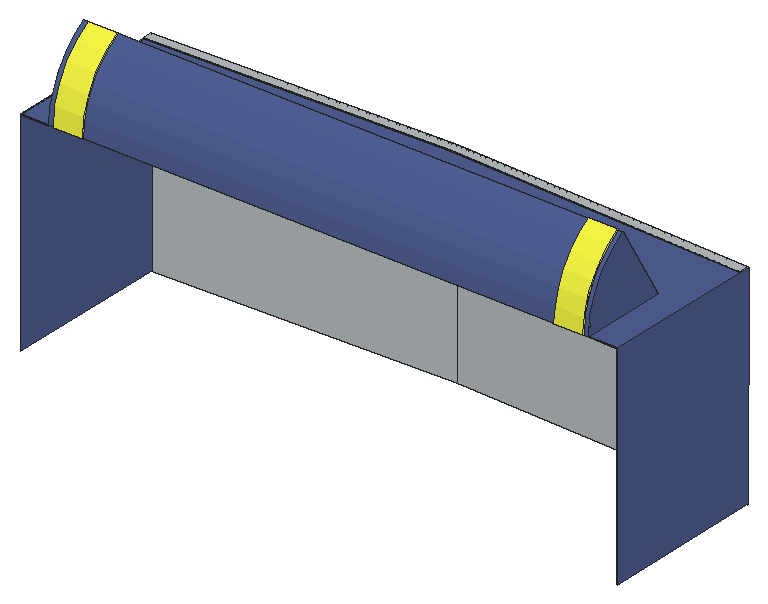
Revit family "DockEquipment_RainDeflector_SuperSeal_RD", category Generic Models, Revit 2011
Parameters
  offset [instance] = 0' - 10 3/4"
  Warranty Duration (Years) = 0
  Unit Width = 10' - 4"
  Unit Height = 3' - 0"
  Unit Depth = 2' - 10"
  URL = "http://www.supersealmfg.com/"
  Stripe Material = Plastic - Vinyl - Super Seal - Yellow
  Specification = ""
  SpecWizard = ""
  Send Message = "http://www.arcat.com/users.pl?action=UserEmail&company=Super-Seal%20Mfg.%20Ltd&coid=44693&rep=119&fax=905-850-4440 &mf="
  Sales Information = "http://www.supersealmfg.com/ContactUs.htm"
  Revision = "R1_07-2011"
  Product Properties = ""
  Product Data = "http://arcat.com/arcatcos/cos44/arc44693.html?isac=1&r=1"
  Hood Material = Metal - Steel - Super Seal - Galvanized
  Model = "As Specified"
  Material = Plastic - Vinyl - Super Seal - Blue
  Manufacturer Website = "http://www.supersealmfg.com/"
  Manufacturer Phone - Toll Free = "800-337-3239 "
  Manufacturer Phone = "800-337-3239 "
  Manufacturer Fax = "905-850-4440 "
  Manufacturer Address = "670 Rowntree Dairy Rd. Woodbridge , ON, Canada L4L-5T8"
  Manufacturer = "Super-Seal Mfg. Ltd"
  Maintenance Schedule (Months) = 0
  Keynote = ""
  Installation-Fabrication = ""
  Installation Phase = ""
  Green Building-LEED = ""
  Expected Lifespan (Years) = 0
  Drawn By = "Sumex Design, Inc. / Robert S. Weygant, CSI, CDT, SCIP"
  Description = "Super Seal"
  Default Elevation = 4' - 0"
  Copyright = "©Arcat Inc."
  Construction Details = "http://arcat.com/details/supersea/supersea.html?coid=44693"
  Assembly Code = ""
Reference planes (in)
  plane 1 "Center (Front/Back)": y = 0
  plane 2 "Bottom": z = 0
  plane 3 "Center (Left/Right)": x = 0
  plane 4 "Front": y = -18
  plane 5 "Left": x = -62
  plane 6 "Right": x = 62
  plane 7 "Top": z = 34
  plane 8: x = -56
  plane 9: x = 56
  plane 10: z = 44
  plane 11: x = -46
  plane 12: x = 46
  plane 13: y = 16
  plane 14: y = 18
Forms (in)
  Sweep 1, solid, material "Metal - Steel - Super Seal - Galvanized" <- "Hood Material"
    path origin (0, 0, 0) x (1, 0, 0) y (0, 1, 0)
      loop
        line (-62, 16) -> (0, 18) -> (62, 16)
    profile origin (-31, 17, 0) x (-0.032241, 0.99948, 0) y (0, 0, 1)
      loop
        line (0, 0) -> (0, 44.125) -> (-2, 44.125) -> (-2, 44) -> (-0.125, 44) -> (-0.125, 0) -> (0, 0)
  Extrusion 2, solid, material "Plastic - Vinyl - Super Seal - Blue" <- "Material"
    sketch origin (-62, 16.34522, 48) x (0, 1, 0) y (0, 0, 1)
      loop
        line (-34.34522, -48) -> (-0.34522, -48) -> (-0.34522, -4) -> (-34.34522, -4) -> (-34.34522, -48)
    from 0 to 0.125
  Extrusion 3, solid, material "Plastic - Vinyl - Super Seal - Blue" <- "Material"
    sketch origin (62, 16.34522, 48) x (0, 1, 0) y (0, 0, 1)
      loop
        line (-34.34522, -48) -> (-0.34522, -48) -> (-0.34522, -4) -> (-34.34522, -4) -> (-34.34522, -48)
    from -0.125 to 0
  Extrusion 4, solid, material "Plastic - Vinyl - Super Seal - Blue" <- "Material"
    sketch origin (0, 90.99678, 44) x (0, 1, 0) y (-1, 0, 0)
      loop
        line (-108.99678, 62) -> (-108.99678, 56) -> (-90.99678, 56) -> (-90.99678, -56) -> (-108.99678, -56) -> (-108.99678, -62) -> (-75.12184, -62) -> (-73.12184, 0) -> (-75.12184, 62) -> (-108.99678, 62)
    from 0 to -0.125
  Extrusion 5, solid, material "Plastic - Vinyl - Super Seal - Blue" <- "Material"
    sketch origin (-56, 57.4656, 48) x (0, 1, 0) y (0, 0, 1)
      loop
        line (-57.4656, -4) -> (-66.4656, 11.58846)
        arc (-66.4656, 11.58846) -> (-73.05406, 5) -> (-75.4656, -4) r 18
        line (-75.4656, -4) -> (-57.4656, -4)
    from 0 to 112
  Sweep 6, solid, material "Plastic - Vinyl - Super Seal - Yellow" <- "Stripe Material"
    path in 3D
      loop
        arc (-56, -9, 59.58846) -> (-56, -15.58846, 53) -> (-56, -18, 44) r 18
    profile origin (-56, -15.58846, 53) x (0, -0.866025, 0.5) y (-1, 0, 0)
      loop
        line (0, -1) -> (0, -7) -> (0.125, -7) -> (0.125, -1) -> (0, -1)
  Sweep 7, solid, material "Plastic - Vinyl - Super Seal - Yellow" <- "Stripe Material"
    path in 3D
      loop
        arc (56, -18, 44) -> (56, -15.58846, 53) -> (56, -9, 59.58846) r 18
    profile origin (56, -15.58846, 53) x (0, -0.866025, 0.5) y (1, 0, 0)
      loop
        line (0, -1) -> (0, -7) -> (0.125, -7) -> (0.125, -1) -> (0, -1)
Cuts and joins
  joined: Extrusion 2, Extrusion 3, Extrusion 4
Lines and regions (in)
  sketch lines
    curve 1: arc (-56, -9, 59.58846) -> (-56, -15.58846, 53) -> (-56, -18, 44) r 18
    curve 2: arc (56, -18, 44) -> (56, -15.58846, 53) -> (56, -9, 59.58846) r 18
Dimensions and locks (in)
  equal spacing: plane 5 "Left", plane 3 "Center (Left/Right)", plane 6 "Right"
  "Unit Width": plane 5 "Left" to plane 6 "Right"
  equal spacing: plane 14, plane 1 "Center (Front/Back)", plane 4 "Front"
  "Unit Depth": plane 7 "Top" to level
  "Unit Height": plane 14 to plane 4 "Front"
  locked: plane 10 to plane 7 "Top" at 10
  locked: plane 14 to plane 13 at 2
  locked: Sweep 1 sketch curve to plane 10 at 0.125
  locked: plane 5 "Left" to plane 8 at 6
  locked: plane 9 to plane 6 "Right" at 6
  locked: plane 8 to plane 11 at 10
  locked: plane 12 to plane 9 at 10
  aligned and locked: plane 10 to Sweep 1 sketch curve
  aligned and locked: plane 9 to Extrusion 5
Automatic sketch dimensions
  Sweep 1 sketch curve to plane 5 "Left" = 0' - 0"
  Sweep 1 sketch curve to plane 3 "Center (Left/Right)" = 0' - 0"
  Sweep 1 sketch curve to plane 6 "Right" = 0' - 0"
  Sweep 1 sketch curve to plane 13 = 0' - 0"  (x2)
  Sweep 1 sketch curve to plane 14 = 0' - 0"
  Sweep 1 sketch curve to level = 0' - 0"
  Sweep 1 sketch curve to profile plane = 0' - 0"
  profile plane to Sweep 1 sketch curve = 0' - 0 1/8"
  Sweep 1 sketch curve to Sweep 1 sketch curve = 0' - 1 7/8"
  Extrusion 2 sketch curve to level = 0' - 0"
  Extrusion 2 sketch curve to plane 4 "Front" = 0' - 0"
  Extrusion 2 sketch curve to plane 13 = 0' - 0"
  plane 10 to Extrusion 2 sketch curve = 0' - 0"
  Extrusion 3 sketch curve to level = 0' - 0"
  Extrusion 3 sketch curve to plane 4 "Front" = 0' - 0"
  Extrusion 3 sketch curve to plane 10 = 0' - 0"
  Extrusion 3 sketch curve to plane 13 = 0' - 0"
  Extrusion 4 sketch curve to plane 4 "Front" = 0' - 0"  (x2)
  Extrusion 4 sketch curve to plane 1 "Center (Front/Back)" = 0' - 0"
  Extrusion 4 sketch curve to plane 5 "Left" = 0' - 0"
  Extrusion 4 sketch curve to plane 6 "Right" = 0' - 0"
  Extrusion 4 sketch curve to plane 3 "Center (Left/Right)" = 0' - 0"
  Extrusion 4 sketch curve to plane 9 = 0' - 0"
  Extrusion 4 sketch curve to plane 8 = 0' - 0"
  Extrusion 4 sketch curve to plane 13 = 0' - 0.12505"  (x2)
  Extrusion 4 sketch curve to plane 14 = 0' - 0.12505"
  Sweep 6 sketch curve to profile plane = 0' - 0"
  Sweep 6 sketch curve to profile plane = 0' - 1"
  Sweep 6 sketch curve to Sweep 6 sketch curve = 0' - 0 1/8"
  Sweep 6 sketch curve to Sweep 6 sketch curve = 0' - 6"
  Sweep 7 sketch curve to profile plane = 0' - 0"
  Sweep 7 sketch curve to Sweep 7 sketch curve = 0' - 0 1/8"
  Sweep 7 sketch curve to profile plane = 0' - 7"
  Sweep 7 sketch curve to profile plane = 0' - 1"
  Extrusion 5 sketch curve to plane 4 "Front" = 0' - 0"
  Extrusion 5 sketch curve to plane 1 "Center (Front/Back)" = 0' - 0"  (x2)
  Extrusion 5 sketch curve to plane 10 = 0' - 0"
  plane 1 "Center (Front/Back)" to Extrusion 5 sketch curve = 0' - 9"
